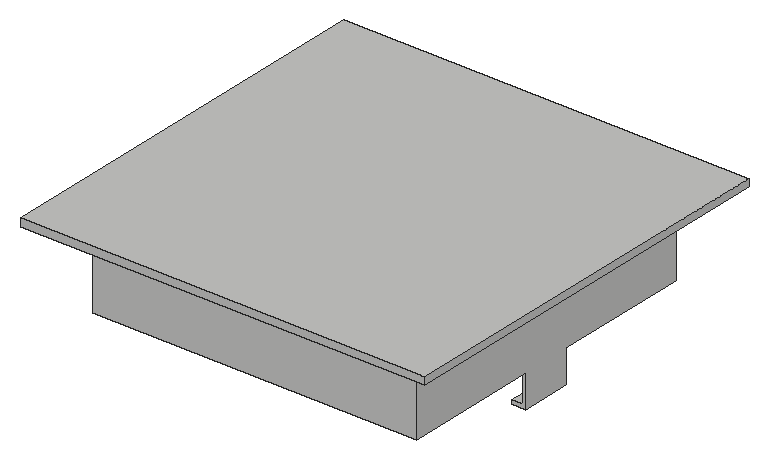
Revit family "Access_Panel-Wall_Door-Activar-Heavy_Duty-Interior_Access-FD", category Doors, host Face, Revit 2012
Parameters (values of type "See Type Catalog")
  ecoScorecard_data = ""
  ecoScorecard Product Page = "http://ecoscorecard.com/"
  Width = 10"
  Warranty URL = "http://www.activarcpg.com/sites/default/files/warranty/jl-industries/JL%20AP%20Warranty.pdf"
  URL = "http://www.activarcpg.com/"
  Submittal URL = "http://www.activarcpg.com/sites/default/files/submittals/JL/Access%20Panels/Access%20Panel_FD_FDS_2HR_W_Submittal.pdf"
  Subcategory = "Access Panels"
  Shipping Weight = 11.00 lbf
  Rough Width = 8 3/8"
  Rough Height = 8 3/8"
  Product Page URL = "http://www.activarcpg.com/jl-industries/product/hgfd-heavy-gauge-insulated-fire-rated-flush-access-panel-walls"
  Product Line = "Fire-Rated Access Panels"
  Panel Type Use = "Heavy Gauge and Security (Wall Only - Sizes Up to 24x48)"
  Options = "Additional Colors, Galvanized Finish, Mortise Slam Lock Prep (U3) or Mortise Slam Lock Installed (U4)."  # constant formula
  Opening Gap = 3/16"
  Number of Latches = 1
  Model = "FD-0808UW-H16"
  Manufacturer Toll Free Phone = "800-554-6077"
  Manufacturer Phone = "952-835-6850"
  Manufacturer Fax = "952-835-2218"
  Manufacturer Email = "mailto:Sales@activarcpg.com"
  Manufacturer Address = "9702 Newton Av S, Bloomington MN 55431"  # constant formula
  Manufacturer = "Activar Construction Products Group"  # constant formula
  Maitenance URL = "http://www.activarcpg.com/sites/default/files/InstallationMaint/JL/Access%20Panel%20Cleaning%20and%20Maintenance.pdf"
  Installation URL = ""
  Height = 10"
  Hardware = "Universal turn ring and key lock (U)."
  Frame = "14 gauge steel with a 1” flange. Welded-on masonry anchor."
  Fire Rating Wall Installation = "1-1/2 hour UL“B” label in a 2 hour fire barrier. File # R13067-1. Maximum size 48” x 48”. HGFD max wall size 24\" x 48\""
  Finish [instance] = Paint - Activar - Gray Powder Coat Primer
  Drywall Bead Installation = yes
  Door = "2” thick, insulated 14 gauge steel with continuous hinge."
  Description = "Fire-Rated & Insulated Flush Frame Access Panel"
  Default Elevation = 48"
  Custom Size Note = "Custom sizes are available.  Contact manufacturer for availability."  # constant formula
  Cost Info = "mailto:Sales@activarcpg.com"
  Color Availability = "Red (R), Black (BK), Flat Black (FB), Sand (S), AMS Beige (AB), SC Flat Beige (SB), Gray (G), Bronze (B), Silver (SI)"
  CSFM = "This product has been approved by the California State Fire Marshall (CSFM) pursuant to Section 13144.1 of the California Health and Safety Code. See CSFM Listing No 3330-1223:101 for allowable values and/or conditions for use concerning material presented in this document. It is subject reexamination, revision and possible cancellation."
  Assembly Code = "C1020700"
  Anchors Available = "Masonry Anchors Standard"  # constant formula
  Additional Info URL = "http://www.activarcpg.com/sites/default/files/Specifications/Access%20Panels.doc"
  95 CSI = "08310"
  04 CSI = "08 31 16"
Reference planes (in)
  plane 1 "Center (Front/Back)": y = 0
  plane 2 "Not Reference": z = 0
  plane 3 "Center (Left/Right)": x = 0
  plane 4 "Left Opening": x = -4.1875
  plane 5 "Right Opening": x = 4.1875
  plane 6 "Back Opening": y = 4.1875
  plane 7 "Front Opening": y = -4.1875
  plane 8 "Host Level": z = 0
  plane 9 "Front Door": z = 0.1875
  plane 10 "Box Depth": z = -2
  plane 11 "Top": y = 5
  plane 12 "Base": y = -5
  plane 13 "Left": x = -5
  plane 14 "Right": x = 5
  plane 15: x = -4
  plane 16: x = 4
  plane 17: y = 4
  plane 18: y = -4
  plane 19: x = 2.96875
  plane 20 "Void Depth": z = -26
Forms (in)
  Extrusion 1, void
    sketch origin (0, 0, 0) x (1, 0, 0) y (0, 1, 0)
      loop
        line (-4.1875, 4.1875) -> (-4.1875, -4.1875) -> (4.1875, -4.1875) -> (4.1875, 4.1875) -> (-4.1875, 4.1875)
    from 0 to -26
  Extrusion 2, solid, material "Paint - Activar - Gray Powder Coat Primer" <- "Finish"
    sketch origin (0, 0, 0) x (1, 0, 0) y (0, 1, 0)
      loop
        line (-5, 5) -> (-5, -5) -> (5, -5) -> (5, 5) -> (-5, 5)
    from 0 to 0.1875
  Extrusion 3, solid, material "Paint - Activar - Gray Powder Coat Primer" <- "Finish"
    sketch origin (0, 0, 0) x (1, 0, 0) y (0, 1, 0)
      loop
        line (-4, 4) -> (-4, -4) -> (4, -4) -> (4, 4) -> (-4, 4)
    from -2 to 0
  Extrusion 4, solid, material "Paint - Activar - Gray Powder Coat Primer" <- "Finish"
    sketch origin (-0.16166, 0, 0.00326) x (1, 0, 0) y (0, 0, 1)
      loop
        line (-3.83834, -2.00326) -> (-3.83834, -2.81299) -> (-3.50607, -2.81299) -> (-3.50607, -2.72507) -> (-3.75607, -2.72507) -> (-3.75607, -2.00326) -> (-3.83834, -2.00326)
      loop
        line (4.16166, -2.00326) -> (4.07939, -2.00326) -> (4.07939, -2.72507) -> (3.82939, -2.72507) -> (3.82939, -2.81299) -> (4.16166, -2.81299) -> (4.16166, -2.00326)
    from -0.62189 to 0.63193
Cuts and joins
  joined: Extrusion 2, Extrusion 3, Extrusion 4
Lines and regions (in)
  Masking region 1
    outline origin (0, 0, 0) x (1, 0, 0) y (0, 0, 1)
      loop
        line (-5, 0.1875) -> (-5, 0) -> (-4, 0) -> (-4, -2.80973) -> (-3.66773, -2.80973) -> (-3.66773, -2.72181) -> (-3.91773, -2.72181) -> (-3.91773, -2) -> (3.91773, -2) -> (3.91773, -2.72181) -> (3.66773, -2.72181) -> (3.66773, -2.80973) -> (4, -2.80973) -> (4, 0) -> (5, 0) -> (5, 0.1875) -> (-5, 0.1875)
  Masking region 2
    outline origin (0, 0, 0) x (1, 0, 0) y (0, 1, 0)
      loop
        line (-5, 5) -> (-5, -5) -> (5, -5) -> (5, 5) -> (-5, 5)
  model lines, detail levels medium+fine
    curve 1: line (-4, 4, 0.1875) -> (4, 4, 0.1875)
    curve 2: line (-4, -4, 0.1875) -> (-4, 4, 0.1875)
    curve 3: line (4, -4, 0.1875) -> (-4, -4, 0.1875)
    curve 4: line (4, 4, 0.1875) -> (4, -4, 0.1875)
  symbolic lines, detail levels medium+fine
    curve 5: line (-4, 0, 0) -> (4, 0, 0)
    curve 6: line (-4, -4, 0) -> (-4, 4, 0)
    curve 7: line (-4, 4, 0) -> (4, 4, 0)
    curve 8: line (4, 4, 0) -> (4, -4, 0)
    curve 9: line (4, -4, 0) -> (-4, -4, 0)
  symbolic lines, detail levels fine
    curve 10: line (-4, 0, -2) -> (-3.91773, 0, -2)
    curve 11: circle (2.96875, 0, 0) r 0.10148 normal (0, 0, 1)
    curve 12: arc (2.87461, -0.03791, 0) -> (2.96875, -0.65023, 0) -> (3.06289, -0.03791, 0) r 0.3134
    curve 13: arc (3.06984, 0.00897, 0) -> (2.96875, -0.69711, 0) -> (2.86766, 0.00897, 0) r 0.36027
    curve 17: line (3.91773, 0, -2) -> (4, 0, -2)
  model lines, detail levels fine
    curve 14: circle (2.96875, 0, 0.1875) r 0.10148 normal (0, 0, 1)
    curve 15: arc (2.87461, -0.03791, 0.1875) -> (2.96875, -0.65023, 0.1875) -> (3.06289, -0.03791, 0.1875) r 0.3134
    curve 16: arc (3.06984, 0.00897, 0.1875) -> (2.96875, -0.69711, 0.1875) -> (2.86766, 0.00897, 0.1875) r 0.36027
Dimensions and locks (in)
  equal spacing: plane 4 "Left Opening", plane 3 "Center (Left/Right)", plane 5 "Right Opening"
  equal spacing: plane 6 "Back Opening", plane 1 "Center (Front/Back)", plane 7 "Front Opening"
  "Rough Width": plane 4 "Left Opening" to plane 5 "Right Opening"
  "Rough Height": plane 6 "Back Opening" to plane 7 "Front Opening"
  equal spacing: plane 13 "Left", plane 3 "Center (Left/Right)", plane 14 "Right"
  "Height": plane 11 "Top" to plane 12 "Base"
  "Width": plane 13 "Left" to plane 14 "Right"
  locked: plane 9 "Front Door" to plane 8 "Host Level" at 0.1875
  locked: plane 8 "Host Level" to plane 10 "Box Depth" at 2
  equal spacing: plane 11 "Top", plane 1 "Center (Front/Back)", plane 12 "Base"
  locked: plane 19 to plane 5 "Right Opening" at 1.21875
  locked: plane 10 "Box Depth" to Extrusion 4 sketch curve at 0.80973
  "Opening Gap": plane 16 to plane 5 "Right Opening"
  "Opening Gap": plane 4 "Left Opening" to plane 15
  "Opening Gap": plane 6 "Back Opening" to plane 17
  "Opening Gap": plane 18 to plane 7 "Front Opening"
  plane 10 "Box Depth" to plane 20 "Void Depth" = 24"
  locked: plane 10 "Box Depth" to Masking region 1 sketch curve at 0.80973  (x2)
  locked: curve 13 to plane 1 "Center (Front/Back)" at 0.33683
  locked: curve 12 to plane 1 "Center (Front/Back)" at 0.33683
  locked: curve 16 to plane 1 "Center (Front/Back)" at 0.33683
  locked: curve 15 to plane 1 "Center (Front/Back)" at 0.33683
  locked: Masking region 1 sketch curve to plane 15 at 0.08227
  locked: plane 16 to Masking region 1 sketch curve at 0.08227
  locked: plane 16 to Masking region 1 sketch curve at 0.33227
  locked: Masking region 1 sketch curve to plane 15 at 0.33227
  locked: Extrusion 4 sketch curve to plane 15 at 0.33227
  locked: Extrusion 4 sketch curve to plane 15 at 0.08227
  locked: plane 16 to Extrusion 4 sketch curve at 0.08227
  locked: plane 16 to Extrusion 4 sketch curve at 0.33227
  locked: Extrusion 4 sketch curve to Extrusion 4 sketch curve at 0.08792
  aligned and locked: plane 2 "Not Reference" to host face
  aligned and locked: level to host face
  aligned and locked: plane 4 "Left Opening" to Extrusion 1 sketch curve
  aligned and locked: Extrusion 1 sketch curve to plane 5 "Right Opening"
  aligned and locked: Extrusion 1 sketch curve to plane 6 "Back Opening"
  aligned and locked: plane 7 "Front Opening" to Extrusion 1 sketch curve
  aligned and locked: plane 2 "Not Reference" to Extrusion 1
  aligned and locked: Extrusion 2 sketch curve to plane 14 "Right"
  aligned and locked: Extrusion 2 sketch curve to plane 11 "Top"
  aligned and locked: plane 13 "Left" to Extrusion 2 sketch curve
  aligned and locked: plane 12 "Base" to Extrusion 2 sketch curve
  aligned and locked: plane 9 "Front Door" to Extrusion 2
  aligned and locked: Extrusion 2 to plane 8 "Host Level"
  aligned and locked: plane 8 "Host Level" to Extrusion 3
  aligned and locked: Extrusion 3 to plane 10 "Box Depth"
  aligned and locked: plane 15 to curve 2
  aligned and locked: curve 4 to plane 16
  aligned and locked: plane 18 to curve 3
  aligned and locked: Extrusion 2 to plane 13 "Left"
  aligned and locked: plane 11 "Top" to Extrusion 2
  aligned and locked: plane 14 "Right" to Extrusion 2
  aligned and locked: Extrusion 2 to plane 12 "Base"
  aligned and locked: Extrusion 2 to plane 9 "Front Door"
  aligned and locked: Masking region 1 to plane 13 "Left"
  aligned and locked: Masking region 1 to plane 8 "Host Level"  (x2)
  aligned and locked: plane 14 "Right" to Masking region 1
  aligned and locked: plane 9 "Front Door" to Masking region 1
  aligned and locked: plane 2 "Not Reference" to plane 8 "Host Level"
  aligned and locked: Masking region 1 sketch curve to plane 9 "Front Door"
  aligned and locked: plane 10 "Box Depth" to Extrusion 4 sketch curve
  aligned and locked: curve 10 to plane 10 "Box Depth"
  aligned and locked: plane 12 "Base" to Masking region 2 sketch curve
  aligned and locked: plane 13 "Left" to Masking region 2 sketch curve
  aligned and locked: curve 7 to plane 17
  aligned and locked: plane 18 to curve 9
  aligned and locked: plane 15 to curve 6
  aligned and locked: curve 8 to plane 16
  aligned and locked: Masking region 2 sketch curve to plane 11 "Top"
  aligned and locked: plane 13 "Left" to Masking region 1 sketch curve
  aligned and locked: Masking region 1 sketch curve to plane 14 "Right"
  aligned and locked: plane 8 "Host Level" to Masking region 1 sketch curve  (x2)
  aligned and locked: Extrusion 1 to plane 20 "Void Depth"
  aligned and locked: plane 19 to curve 11
  aligned and locked: plane 1 "Center (Front/Back)" to curve 11
  aligned and locked: plane 19 to curve 13
  aligned and locked: plane 19 to curve 12
  aligned and locked: plane 1 "Center (Front/Back)" to curve 14
  aligned and locked: plane 19 to curve 14
  aligned and locked: plane 19 to curve 16
  aligned and locked: plane 19 to curve 15
  aligned and locked: Masking region 1 sketch curve to plane 16
  aligned and locked: Extrusion 4 sketch curve to plane 16
  aligned and locked: cut or joined group of Extrusion 2, Extrusion 3, Extrusion 4 to curve 10
  aligned and locked: plane 15 to curve 10
  aligned and locked: curve 17 to cut or joined group of Extrusion 2, Extrusion 3, Extrusion 4
  aligned and locked: plane 16 to curve 17
  aligned and locked: curve 17 to plane 10 "Box Depth"
  aligned and locked: curve 5 to Masking region 1
  aligned and locked: plane 15 to Extrusion 3 sketch curve
  aligned and locked: Extrusion 3 sketch curve to plane 17
  aligned and locked: Extrusion 3 sketch curve to plane 16
  aligned and locked: plane 18 to Extrusion 3 sketch curve
  aligned and locked: Extrusion 4 sketch curve to plane 10 "Box Depth"
  aligned and locked: Extrusion 4 sketch curve to plane 15
  aligned and locked: Extrusion 4 sketch curve to Extrusion 4 sketch curve  (x2)
  aligned and locked: nested 1 to plane 9 "Front Door"
  aligned and locked: plane 15 to nested 1  (x2)
  aligned and locked: plane 16 to nested 1
Automatic sketch dimensions
  host sketch curve to host sketch curve = 17.82138"
  host sketch curve to host sketch curve = 18.09905"
  Masking region 2 sketch curve to plane 14 "Right" = 0"
  curve 1 to plane 17 = 0"
  curve 13 to plane 19 = 0.10109"
  curve 13 to curve 12 = 0.00695"
  curve 13 to plane 1 "Center (Front/Back)" = 0.00897"
  curve 15 to curve 16 = 0.00695"
  curve 15 to curve 14 = 0.03791"
  curve 15 to curve 16 = 3/64"
  Masking region 1 sketch curve to Masking region 1 sketch curve = 0.08792"  (x2)
  Masking region 1 sketch curve to plane 15 = 0"
  Masking region 1 sketch curve to plane 10 "Box Depth" = 0"
  curve 5 to level = 0"
  curve 5 to plane 16 = 0"
Nested families (in)
  nested 1: "Access_Panel-Door-Plan_Swing-2D" at (0, 0, 0.1875) x (1, 0, 0) z (0, -1, 0), type "Access_Panel-Door-Plan_Swing-2D"
    with Door Width 8"
Definition of nested family "Access_Panel-Door-Plan_Swing-2D"
  Parameters (values of type "Access_Panel-Door-Plan_Swing-2D")
    Door Width [instance] = 13 1/2"
  Reference planes (in)
    plane 1 "Center (Front/Back)": y = 0
    plane 2: z = 0
    plane 3 "Center (Left/Right)": x = 0
    plane 4: x = -6.75
    plane 5: x = 6.75
  Lines and regions (in)
    detail lines, in view "Ref. Level"
      curve 1: line (-6.75, 0, 0) -> (-6.75, 13.5, 0)
      curve 2: arc (-6.75, 13.5, 0) -> (2.79594, 9.54594, 0) -> (6.75, 0, 0) r 13.5
  Dimensions and locks (in)
    equal spacing: plane 4, plane 3 "Center (Left/Right)", plane 5
    "Door Width": plane 4 to plane 5
    aligned and locked: plane 1 "Center (Front/Back)" to curve 2  (x2)
    aligned and locked: plane 4 to curve 2  (x2)
    aligned and locked: plane 1 "Center (Front/Back)" to curve 1
    aligned and locked: plane 5 to curve 2
    aligned and locked: plane 4 to curve 1
